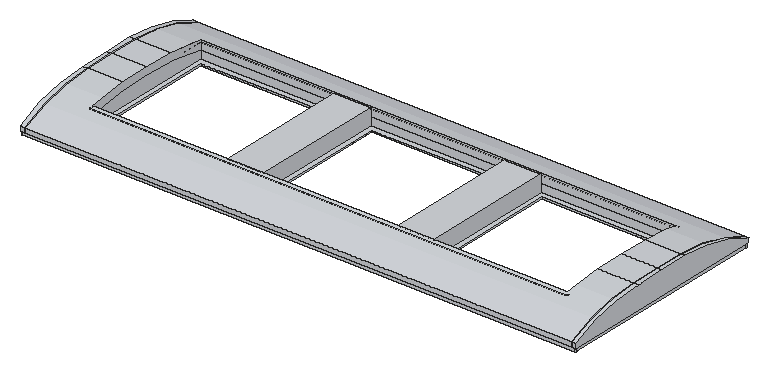
Revit family "Gira_0213768", category Electrical Fixtures, host Face, Revit 2017
Family settings
  Host = Face
  Maintain Annotation Orientation = No
  Round Connector Dimension = Use Diameter
  Part Type = Normal
  Cut with Voids When Loaded = No
  Shared = No
  Room Calculation Point = No
Parameters (values of type "Abdeckrahmen 3f Zwischenr. AN Gira Event Klar Braun")
  Werkstoffgüte = "Thermoplast"
  Werkstoff = "Kunststoff"
  URL = "http://katalog.gira.de/de_DE/datenblatt.html?artikelnr=0213768"
  Transparent = "No"
  Textfeld/Beschriftungsfläche = "No"
  Schutzart (IP) = "IP20"
  Region = "DE"
  Oberfläche = "sonstige"
  Name = "Abdeckrahmen 3f Zwischenr. AN Gira Event Klar Braun"
  Montagerichtung = "horizontal und vertikal"
  Mit Montagerahmen = "No"
  Mit Klappdeckel = "No"
  Manufacturer URL = "https://www.gira.de/"
  Keynote = "Event_Rahmen_3fach"
  HeinzeBIM = "https://bimportal.heinze.de/bim/abdeckrahmen-3f-zwischenr-an-gira-event-klar-braun/669637a9efcb7c3c696f1de31e20b93cd41b36ef"
  Halogenfrei = "Yes"
  HAN = "0213768"
  Geeignet für Unterputz-Installation = "Yes"
  Geeignet für Unterflurkanaldose = "No"
  Geeignet für Geräteeinbaukanal = "No"
  Geeignet für Einbauinstallation = "No"
  GTIN = "4010337069461"
  Farbe = "braun"
  Default Elevation = 1219.2 mm
  Data sheet (1) = "https://katalog.gira.de/de_DE/download.html?artikelnr=0213768"
  Category = "Abdeckrahmen"
  Befestigungsart = "Klemmbefestigung"
  Available = "Yes"
  Ausführung der Oberfläche = "glänzend"
  Anzahl der Einheiten vertikal = "3 "
  Anzahl der Einheiten horizontal = "3 "
  Anzahl der Einheiten = "3 "
Reference planes
  plane 1 "Center (Front/Back)": y = 0
  plane 2: z = 0
  plane 3 "Center (Left/Right)": x = 0
Forms (mm)
  Extrusion 1, solid, detail levels fine
    sketch origin (0, 0, 0.05) x (0, 1, 0) y (0, 0, 1)
      loop
        arc (12.445, 9.683) -> (6.223, 9.833) -> (0, 9.85) r 291.636
        arc (0, 9.85) -> (-6.223, 9.833) -> (-12.445, 9.683) r 291.636
        arc (-12.445, 9.683) -> (-29.14, 7.482) -> (-45, 1.823) r 79.728
        line (-45, 1.823) -> (-45, -0.05) -> (-42.086, -0.05)
        arc (-42.086, -0.05) -> (-21.385, 5.559) -> (0, 7.206) r 114.424
        arc (0, 7.206) -> (21.385, 5.559) -> (42.086, -0.05) r 114.424
        line (42.086, -0.05) -> (45, -0.05) -> (45, 1.823)
        arc (45, 1.823) -> (29.14, 7.482) -> (12.445, 9.683) r 79.728
    from -114.3 to 114.3
  Extrusion 2, void, detail levels fine
    sketch origin (0, 0, 0) x (1, 0, 0) y (0, 1, 0)
      loop
        line (-99.355, -28.053) -> (99.355, -28.053) -> (99.355, 28.053) -> (-99.355, 28.053) -> (-99.355, -28.053)
    from 0.724 to 11
  Extrusion 3, solid, detail levels coarse
    sketch origin (0, 0, 0) x (1, 0, 0) y (0, 1, 0)
      loop
        line (-116.3, 45) -> (-116.3, -45) -> (116.3, -45) -> (116.3, 45) -> (-116.3, 45)
    from -1.5 to 9.9
  Extrusion 4, solid, detail levels medium
    sketch origin (0, 0, 0.05) x (0, 1, 0) y (0, 0, 1)
      loop
        arc (12.445, 9.683) -> (6.223, 9.833) -> (0, 9.85) r 291.636
        arc (0, 9.85) -> (-6.223, 9.833) -> (-12.445, 9.683) r 291.636
        arc (-12.445, 9.683) -> (-29.14, 7.482) -> (-45, 1.823) r 79.728
        line (-45, 1.823) -> (-45, -0.05) -> (45, -0.05) -> (45, 1.823)
        arc (45, 1.823) -> (29.14, 7.482) -> (12.445, 9.683) r 79.728
    from -116.3 to 116.3
  Extrusion 5, solid, detail levels fine
    sketch origin (-71.3, 0, -1.5) x (0, 1, 0) y (0, 0, -1)
      loop
        line (45, -3.373) -> (45, -1.5) -> (-45, -1.5) -> (-45, -3.373)
        arc (-45, -3.373) -> (-29.14, -9.032) -> (-12.445, -11.233) r 79.728
        arc (-12.445, -11.233) -> (-6.223, -11.383) -> (0, -11.4) r 291.636
        arc (0, -11.4) -> (6.223, -11.383) -> (12.445, -11.233) r 291.636
        arc (12.445, -11.233) -> (29.14, -9.032) -> (45, -3.373) r 79.728
    from 43 to 45
  Extrusion 6, solid, detail levels fine
    sketch origin (0, 0, 0) x (1, 0, 0) y (0, 1, 0)
      loop
        line (-97.195, 25.7) -> (-97.195, -25.7) -> (-45.395, -25.7) -> (-45.395, 25.7) -> (-97.195, 25.7)
      loop
        line (25.9, -25.7) -> (25.9, 25.7) -> (-25.9, 25.7) -> (-25.9, -25.7) -> (25.9, -25.7)
      loop
        line (-100.19, 28.49) -> (-100.19, -28.495)
        spline (-100.19, -28.495) -> (-100.181, -28.625) -> (-100.156, -28.754) -> (-100.113, -28.878) -> (-100.056, -28.995) -> (-99.983, -29.104) -> (-99.897, -29.202) -> (-99.798, -29.288) -> (-99.69, -29.361) -> (-99.572, -29.419) -> (-99.448, -29.461) -> (-99.32, -29.486) -> (-99.19, -29.495)
        line (-99.19, -29.495) -> (99.195, -29.495)
        spline (99.195, -29.495) -> (99.325, -29.486) -> (99.454, -29.461) -> (99.578, -29.419) -> (99.695, -29.361) -> (99.804, -29.288) -> (99.902, -29.202) -> (99.988, -29.104) -> (100.061, -28.995) -> (100.119, -28.878) -> (100.161, -28.754) -> (100.186, -28.625) -> (100.195, -28.495)
        line (100.195, -28.495) -> (100.195, 28.49)
        spline (100.195, 28.49) -> (100.186, 28.62) -> (100.161, 28.748) -> (100.119, 28.872) -> (100.061, 28.99) -> (99.988, 29.098) -> (99.902, 29.197) -> (99.804, 29.283) -> (99.695, 29.356) -> (99.578, 29.413) -> (99.454, 29.456) -> (99.325, 29.481) -> (99.195, 29.49)
        line (99.195, 29.49) -> (-99.19, 29.49)
        spline (-99.19, 29.49) -> (-99.32, 29.481) -> (-99.448, 29.456) -> (-99.572, 29.413) -> (-99.69, 29.356) -> (-99.798, 29.283) -> (-99.897, 29.197) -> (-99.983, 29.098) -> (-100.056, 28.99) -> (-100.113, 28.872) -> (-100.156, 28.748) -> (-100.181, 28.62) -> (-100.19, 28.49)
      loop
        line (97.2, -25.7) -> (97.2, 25.7) -> (45.4, 25.7) -> (45.4, -25.7) -> (97.2, -25.7)
    from 0.1 to 7.3
  Extrusion 7, solid
    sketch origin (0, 0, 0) x (1, 0, 0) y (0, 1, 0)
      loop
        arc (-116, -44.2) -> (-115.854, -44.554) -> (-115.5, -44.7) r 0.5
        line (-115.5, -44.7) -> (115.5, -44.7)
        arc (115.5, -44.7) -> (115.854, -44.554) -> (116, -44.2) r 0.5
        line (116, -44.2) -> (116, 44.2)
        arc (116, 44.2) -> (115.854, 44.554) -> (115.5, 44.7) r 0.5
        line (115.5, 44.7) -> (-115.5, 44.7)
        arc (-115.5, 44.7) -> (-115.854, 44.554) -> (-116, 44.2) r 0.5
        line (-116, 44.2) -> (-116, -44.2)
      loop
        line (-114.3, 43) -> (-114.3, -43) -> (114.3, -43) -> (114.3, 43) -> (-114.3, 43)
    from -1.5 to 0.5
  Extrusion 8, solid, detail levels fine
    sketch origin (71.3, 0, -1.5) x (0, 1, 0) y (0, 0, 1)
      loop
        arc (45, 3.373) -> (29.14, 9.032) -> (12.445, 11.233) r 79.728
        arc (12.445, 11.233) -> (6.223, 11.383) -> (0, 11.4) r 291.636
        arc (0, 11.4) -> (-6.223, 11.383) -> (-12.445, 11.233) r 291.636
        arc (-12.445, 11.233) -> (-29.14, 9.032) -> (-45, 3.373) r 79.728
        line (-45, 3.373) -> (-45, 1.5) -> (45, 1.5) -> (45, 3.373)
    from 43 to 45
  Extrusion 9, solid, detail levels medium
    sketch origin (0, 0, 0) x (1, 0, 0) y (0, 1, 0)
      loop
        line (-116, -44.7) -> (116, -44.7) -> (116, 44.7) -> (-116, 44.7) -> (-116, -44.7)
    from -1.5 to 0.5
  Extrusion 10, solid, detail levels fine
    sketch origin (-34.207, 0, 0) x (1, 0, 0) y (0, 1, 0)
      loop
        line (-8.943, 28.063) -> (-8.943, -27.937) -> (6.057, -27.937) -> (6.057, 28.063) -> (-8.943, 28.063)
    from 0.724 to 7.566
  Extrusion 11, solid, detail levels fine
    sketch origin (34.207, 0, 0) x (-1, 0, 0) y (0, -1, 0)
      loop
        line (-8.943, -28.063) -> (6.057, -28.063) -> (6.057, 27.937) -> (-8.943, 27.937) -> (-8.943, -28.063)
    from 0.724 to 7.566
Cuts and joins
  Extrusion 2 cuts Extrusion 1
  Extrusion 2 cuts Extrusion 6
Dimensions and locks
  aligned and locked: plane 2 to host face
  aligned and locked: level to host face
